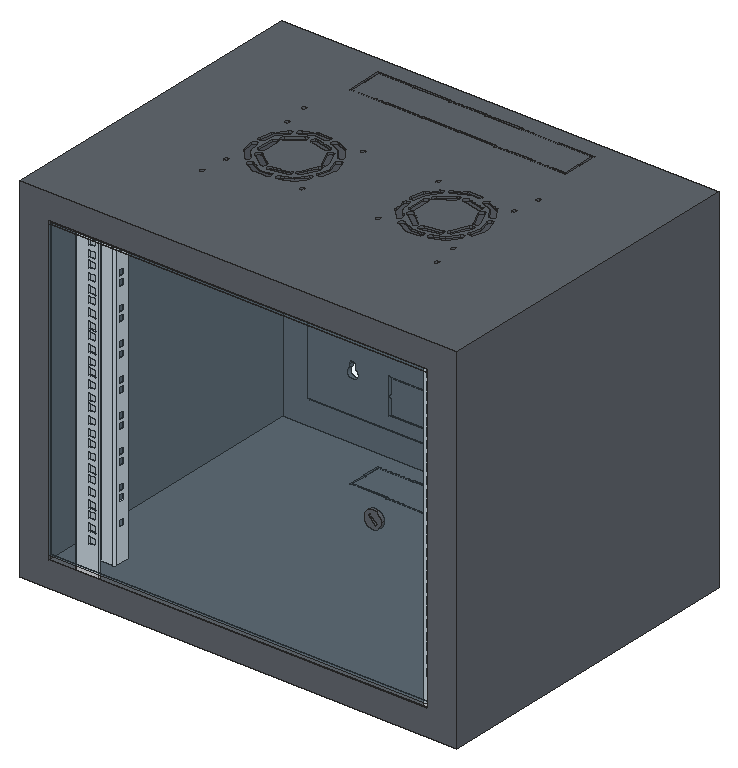
Revit family "Fix wallmount cabinets Legrand Linkeo with fix side panels", category Equipement spécialisé, Revit 2020 (continued)
Dimensions and locks
  "Y fixation": plane 22 to plane 23
  "X fixation": plane 25 to plane 24
  "Rack location": plane 27 to plane 6
  "Thickness (mm)": plane 29 to plane 27
  "Thickness (mm)": plane 30 to plane 31
  "Thickness (mm)": plane 32 to plane 33
  "Thickness (mm)": plane 34 to plane 35
  plane 31 to cut or joined group of Extrusion 1, Extrusion 2, Extrusion 3, Extrusion 6, Extrusion 7, Extrusion 8, Extrusion 40 = 42.00 mm
  locked: plane 28 to plane 30 at 31.5
  locked: plane 33 to plane 27 at 42
  locked: plane 34 to plane 31 at 23.5
  locked: plane 32 to plane 36 at 21.5
  locked: plane 37 to level at 46.65
  locked: plane 38 to plane 37 at 9.5
  locked: plane 39 to plane 40 at 9.5
  locked: plane 28 to plane 39 at 3.5
  locked: plane 42 to plane 41 at 9.5
  locked: plane 41 to plane 37 at 31.75
  locked: plane 44 to plane 43 at 9.5
  locked: plane 45 to plane 46 at 9.5
  locked: plane 46 to plane 38 at 6.38
  "Thickness (mm)": plane 49 to plane 50
  "Thickness (mm)": plane 51 to plane 52
  locked: plane 49 to plane 53 at 21.5
  locked: plane 54 to plane 11 at 5
  plane 5 to plane 10 to plane 55 = 35.00 mm, 30.00 mm
  equal spacing: group 4, group 8, group 11, group 14, group 17, group 20, group 34, group 37, group 40  (x3)
  equal spacing: group 21, group 22, group 23, group 24, group 25, group 26, group 41, group 42, group 43  (x3)
  locked: plane 58 to plane 1 "Centre (avant/arrière)" at 225
  aligned and locked: level to plane 2
  aligned and locked: Extrusion 1 sketch curve to level
  aligned and locked: plane 6 to Extrusion 1 sketch curve
  aligned and locked: plane 5 to Extrusion 1 sketch curve
  aligned and locked: Extrusion 1 sketch curve to plane 1 "Centre (avant/arrière)"
  aligned and locked: Extrusion 1 to plane 4
  aligned and locked: Extrusion 1 to plane 3 "Centre (gauche/droite)"
  aligned and locked: cut or joined group of Extrusion 1, Extrusion 2, Extrusion 3, Extrusion 6, Extrusion 7, Extrusion 8, Extrusion 40 to plane 13
  aligned and locked: Extrusion 3 sketch curve to plane 10
  aligned and locked: Extrusion 3 sketch curve to plane 7
  aligned and locked: plane 11 to Extrusion 3 sketch curve
  aligned and locked: plane 8 to Extrusion 3 sketch curve
  aligned and locked: Extrusion 1 to Extrusion 3
  aligned and locked: Extrusion 3 to plane 1 "Centre (avant/arrière)"
  aligned and locked: plane 7 to Extrusion 4 sketch curve
  aligned and locked: Extrusion 4 sketch curve to plane 8
  aligned and locked: plane 8 to Extrusion 5 sketch curve
  aligned and locked: Extrusion 5 sketch curve to plane 7
  aligned and locked: Extrusion 5 to plane 1 "Centre (avant/arrière)"
  aligned and locked: plane 5 to Extrusion 7
  aligned and locked: Extrusion 7 to Extrusion 2
  aligned and locked: Extrusion 8 to level
  aligned and locked: plane 26 to plane 9
  aligned and locked: plane 20 to plane 12
  aligned and locked: Extrusion 5 to Extrusion 9
  aligned and locked: plane 28 to Extrusion 10 sketch curve
  aligned and locked: Extrusion 10 sketch curve to plane 27
  aligned and locked: Extrusion 10 sketch curve to plane 31
  aligned and locked: Extrusion 10 sketch curve to plane 33
  aligned and locked: Extrusion 10 sketch curve to plane 35
  aligned and locked: Extrusion 10 sketch curve to plane 36
  aligned and locked: plane 34 to Extrusion 10 sketch curve
  aligned and locked: plane 32 to Extrusion 10 sketch curve
  aligned and locked: Extrusion 10 sketch curve to plane 30
  aligned and locked: plane 29 to Extrusion 10 sketch curve
  aligned and locked: cut or joined group of Extrusion 1, Extrusion 2, Extrusion 3, Extrusion 6, Extrusion 7, Extrusion 8, Extrusion 40 to Extrusion 10
  aligned and locked: Extrusion 10 to Extrusion 11
  aligned and locked: plane 29 to Extrusion 12
  aligned and locked: plane 47 to Extrusion 13 sketch curve
  aligned and locked: plane 50 to Extrusion 13 sketch curve
  aligned and locked: Extrusion 13 sketch curve to plane 52
  aligned and locked: Extrusion 13 sketch curve to plane 53
  aligned and locked: plane 51 to Extrusion 13 sketch curve
  aligned and locked: Extrusion 13 sketch curve to plane 49
  aligned and locked: Extrusion 13 sketch curve to plane 48
  aligned and locked: cut or joined group of Extrusion 1, Extrusion 2, Extrusion 3, Extrusion 6, Extrusion 7, Extrusion 8, Extrusion 40 to Extrusion 13
  aligned and locked: Extrusion 14 sketch curve to Extrusion 14 sketch curve  (x9)
  aligned and locked: plane 54 to cut or joined group of Extrusion 5, Extrusion 9, Extrusion 11, Extrusion 12, Extrusion 15, Extrusion 52
  aligned and locked: Extrusion 40 to plane 35
  aligned and locked: Extrusion 40 to plane 41
  aligned and locked: plane 42 to Extrusion 40
  aligned and locked: Extrusion 40 to plane 43
  aligned and locked: plane 44 to Extrusion 40
  aligned and locked: cut or joined group 1 (Extrusion 13, Extrusion 16, Extrusion 17, Extrusion 22, Extrusion 23, Extrusion 26, Extrusion 27, Extrusion 30, Extrusion 31, Extrusion 34, Extrusion 35, Extrusion 38, Extrusion 39, Extrusion 40, Extrusion 41, Extrusion 42, Extrusion 43, Extrusion 44, Extrusion 45, Extrusion 46, Extrusion 47, Extrusion 48, Extrusion 49, Extrusion 50, Extrusion 51, Extrusion 60, Extrusion 61, Extrusion 64, Extrusion 65, Extrusion 68, Extrusion 69, Extrusion 70, Extrusion 71, Extrusion 72, Extrusion 73, Extrusion 74, Extrusion 75) to Extrusion 41
  aligned and locked: cut or joined group 1 to Extrusion 40
  aligned and locked: Extrusion 52 sketch curve to Extrusion 52 sketch curve  (x9)
  aligned and locked: Extrusion 53 to plane 56
  aligned and locked: plane 56 to plane 20
  aligned and locked: Extrusion 4 to plane 57
  aligned and locked: plane 6 to plane 57
  aligned and locked: plane 58 to curve 2
  aligned and locked: plane 5 to Extrusion 6
  aligned and locked: Extrusion 6 to Extrusion 2
Automatic sketch dimensions
  Extrusion 11 sketch curve to Extrusion 11 sketch curve = 0.00 mm
  Extrusion 11 sketch curve to Extrusion 11 sketch curve = 9.50 mm  (x4)
  Extrusion 11 sketch curve to Extrusion 11 sketch curve = 22.25 mm
  Extrusion 12 sketch curve to Extrusion 12 sketch curve = 9.50 mm  (x2)
  Extrusion 16 sketch curve to Extrusion 16 sketch curve = 0.00 mm
  Extrusion 16 sketch curve to Extrusion 16 sketch curve = 9.50 mm  (x4)
  Extrusion 16 sketch curve to Extrusion 16 sketch curve = 22.25 mm
  Extrusion 17 sketch curve to Extrusion 17 sketch curve = 9.50 mm  (x2)
  Extrusion 18 sketch curve to Extrusion 18 sketch curve = 0.00 mm
  Extrusion 18 sketch curve to Extrusion 18 sketch curve = 9.50 mm  (x4)
  Extrusion 18 sketch curve to Extrusion 18 sketch curve = 22.25 mm
  Extrusion 19 sketch curve to Extrusion 19 sketch curve = 9.50 mm  (x2)
  Extrusion 20 sketch curve to Extrusion 20 sketch curve = 0.00 mm
  Extrusion 20 sketch curve to Extrusion 20 sketch curve = 9.50 mm  (x4)
  Extrusion 20 sketch curve to Extrusion 20 sketch curve = 22.25 mm
  Extrusion 21 sketch curve to Extrusion 21 sketch curve = 9.50 mm  (x2)
  Extrusion 22 sketch curve to Extrusion 22 sketch curve = 0.00 mm
  Extrusion 22 sketch curve to Extrusion 22 sketch curve = 9.50 mm  (x4)
  Extrusion 22 sketch curve to Extrusion 22 sketch curve = 22.25 mm
  Extrusion 23 sketch curve to Extrusion 23 sketch curve = 9.50 mm  (x2)
  Extrusion 24 sketch curve to Extrusion 24 sketch curve = 0.00 mm
  Extrusion 24 sketch curve to Extrusion 24 sketch curve = 9.50 mm  (x4)
  Extrusion 24 sketch curve to Extrusion 24 sketch curve = 22.25 mm
  Extrusion 25 sketch curve to Extrusion 25 sketch curve = 9.50 mm  (x2)
  Extrusion 26 sketch curve to Extrusion 26 sketch curve = 0.00 mm
  Extrusion 26 sketch curve to Extrusion 26 sketch curve = 9.50 mm  (x4)
  Extrusion 26 sketch curve to Extrusion 26 sketch curve = 22.25 mm
  Extrusion 27 sketch curve to Extrusion 27 sketch curve = 9.50 mm  (x2)
  Extrusion 28 sketch curve to Extrusion 28 sketch curve = 0.00 mm
  Extrusion 28 sketch curve to Extrusion 28 sketch curve = 9.50 mm  (x4)
  Extrusion 28 sketch curve to Extrusion 28 sketch curve = 22.25 mm
  Extrusion 29 sketch curve to Extrusion 29 sketch curve = 9.50 mm  (x2)
  Extrusion 30 sketch curve to Extrusion 30 sketch curve = 0.00 mm
  Extrusion 30 sketch curve to Extrusion 30 sketch curve = 9.50 mm  (x4)
  Extrusion 30 sketch curve to Extrusion 30 sketch curve = 22.25 mm
  Extrusion 31 sketch curve to Extrusion 31 sketch curve = 9.50 mm  (x2)
  Extrusion 32 sketch curve to Extrusion 32 sketch curve = 0.00 mm
  Extrusion 32 sketch curve to Extrusion 32 sketch curve = 9.50 mm  (x4)
  Extrusion 32 sketch curve to Extrusion 32 sketch curve = 22.25 mm
  Extrusion 33 sketch curve to Extrusion 33 sketch curve = 9.50 mm  (x2)
  Extrusion 34 sketch curve to Extrusion 34 sketch curve = 0.00 mm
  Extrusion 34 sketch curve to Extrusion 34 sketch curve = 9.50 mm  (x4)
  Extrusion 34 sketch curve to Extrusion 34 sketch curve = 22.25 mm
  Extrusion 35 sketch curve to Extrusion 35 sketch curve = 9.50 mm  (x2)
  Extrusion 36 sketch curve to Extrusion 36 sketch curve = 0.00 mm
  Extrusion 36 sketch curve to Extrusion 36 sketch curve = 9.50 mm  (x4)
  Extrusion 36 sketch curve to Extrusion 36 sketch curve = 22.25 mm
  Extrusion 37 sketch curve to Extrusion 37 sketch curve = 9.50 mm  (x2)
  Extrusion 38 sketch curve to Extrusion 38 sketch curve = 0.00 mm
  Extrusion 38 sketch curve to Extrusion 38 sketch curve = 9.50 mm  (x4)
  Extrusion 38 sketch curve to Extrusion 38 sketch curve = 22.25 mm
  Extrusion 39 sketch curve to Extrusion 39 sketch curve = 9.50 mm  (x2)
  Extrusion 40 sketch curve to Extrusion 40 sketch curve = 9.50 mm  (x2)
  Extrusion 41 sketch curve to Extrusion 41 sketch curve = 9.50 mm  (x2)
  Extrusion 42 sketch curve to Extrusion 42 sketch curve = 9.50 mm  (x2)
  Extrusion 43 sketch curve to Extrusion 43 sketch curve = 9.50 mm  (x2)
  Extrusion 44 sketch curve to Extrusion 44 sketch curve = 9.50 mm  (x2)
  Extrusion 45 sketch curve to Extrusion 45 sketch curve = 9.50 mm  (x2)
  Extrusion 46 sketch curve to Extrusion 46 sketch curve = 9.50 mm  (x2)
  Extrusion 47 sketch curve to Extrusion 47 sketch curve = 9.50 mm  (x2)
  Extrusion 48 sketch curve to Extrusion 48 sketch curve = 9.50 mm  (x2)
  Extrusion 49 sketch curve to Extrusion 49 sketch curve = 9.50 mm  (x2)
  Extrusion 50 sketch curve to Extrusion 50 sketch curve = 9.50 mm  (x2)
  Extrusion 51 sketch curve to Extrusion 51 sketch curve = 9.50 mm  (x2)
  Extrusion 54 sketch curve to Extrusion 54 sketch curve = 1.933 mm  (x2)
  Extrusion 54 sketch curve to Extrusion 54 sketch curve = 10.607 mm
  Extrusion 56 sketch curve to Extrusion 56 sketch curve = 1.933 mm  (x2)
  Extrusion 56 sketch curve to Extrusion 56 sketch curve = 10.607 mm
  curve 1 to plane 12 = 0.00 mm
  plane 24 to curve 1 = 12.00 mm
  curve 1 to plane 24 = 12.00 mm
  Extrusion 5 sketch curve to plane 54 = 0.00 mm
  Extrusion 5 sketch curve to plane 10 = 5.00 mm
  Extrusion 1 to Extrusion 7 sketch curve = 24.00 mm  (x3)
  Extrusion 1 to Extrusion 7 sketch curve = 152.50 mm
  Extrusion 7 sketch curve to Extrusion 7 sketch curve = 0.00 mm  (x17)
  Extrusion 7 sketch curve to Extrusion 7 sketch curve = 3.00 mm  (x11)
  Extrusion 7 sketch curve to Extrusion 7 sketch curve = 46.25 mm  (x3)
  Extrusion 7 sketch curve to Extrusion 7 sketch curve = 1.50 mm  (x12)
  Extrusion 7 sketch curve to Extrusion 7 sketch curve = 48.50 mm  (x4)
  Extrusion 1 to Extrusion 7 sketch curve = 27.00 mm
  Extrusion 7 sketch curve to Extrusion 7 sketch curve = 21.25 mm  (x2)
  Extrusion 7 sketch curve to Extrusion 7 sketch curve = 44.00 mm  (x2)
  plane 1 "Centre (avant/arrière)" to Extrusion 8 sketch curve = 24.00 mm  (x3)
  plane 25 to Extrusion 8 sketch curve = 50.00 mm
  Extrusion 8 sketch curve to Extrusion 8 sketch curve = 0.00 mm  (x16)
  Extrusion 8 sketch curve to Extrusion 8 sketch curve = 3.00 mm  (x11)
  Extrusion 8 sketch curve to Extrusion 8 sketch curve = 46.25 mm  (x3)
  Extrusion 8 sketch curve to Extrusion 8 sketch curve = 1.50 mm  (x10)
  Extrusion 8 sketch curve to Extrusion 8 sketch curve = 48.50 mm  (x3)
  Extrusion 8 sketch curve to plane 9 = 0.75 mm  (x2)
  plane 9 to Extrusion 8 sketch curve = 0.75 mm  (x2)
  plane 1 "Centre (avant/arrière)" to Extrusion 8 sketch curve = 27.00 mm
  Extrusion 8 sketch curve to Extrusion 8 sketch curve = 21.25 mm  (x2)
  Extrusion 8 sketch curve to Extrusion 8 sketch curve = 44.00 mm  (x2)
  Extrusion 9 sketch curve to plane 23 = 0.00 mm  (x4)
  Extrusion 9 sketch curve to plane 25 = 0.00 mm  (x2)
  Extrusion 9 sketch curve to plane 24 = 0.00 mm
  Extrusion 9 sketch curve to Extrusion 9 sketch curve = 4.251 mm
  plane 24 to Extrusion 9 sketch curve = 4.251 mm
  plane 24 to Extrusion 9 sketch curve = 0.00 mm
  Extrusion 9 sketch curve to Extrusion 9 sketch curve = 5.069 mm  (x2)
  Extrusion 9 sketch curve to Extrusion 9 sketch curve = 6.179 mm  (x2)
  Extrusion 10 sketch curve to Extrusion 10 sketch curve = 0.00 mm  (x6)
  Extrusion 10 sketch curve to Extrusion 10 sketch curve = 1.50 mm  (x3)
  Extrusion 13 sketch curve to Extrusion 13 sketch curve = 0.00 mm  (x6)
  Extrusion 13 sketch curve to Extrusion 13 sketch curve = 1.50 mm  (x2)
  Extrusion 13 sketch curve to Extrusion 13 sketch curve = 30.00 mm
  Extrusion 13 sketch curve to Extrusion 13 sketch curve = 17.50 mm
  Extrusion 15 sketch curve to plane 22 = 0.00 mm  (x4)
  Extrusion 15 sketch curve to plane 25 = 0.00 mm  (x2)
  plane 24 to Extrusion 15 sketch curve = 0.00 mm  (x2)
  Extrusion 15 sketch curve to Extrusion 15 sketch curve = 4.251 mm
  plane 24 to Extrusion 15 sketch curve = 4.251 mm
  Extrusion 15 sketch curve to Extrusion 15 sketch curve = 5.069 mm  (x2)
  plane 42 to Extrusion 15 sketch curve = 3.852 mm  (x2)
  Extrusion 52 sketch curve to Extrusion 52 sketch curve = 0.00 mm  (x16)
  Extrusion 52 sketch curve to Extrusion 52 sketch curve = 3.00 mm  (x6)
  Extrusion 52 sketch curve to Extrusion 52 sketch curve = 21.25 mm  (x3)
  Extrusion 52 sketch curve to Extrusion 52 sketch curve = 1.50 mm  (x12)
  Extrusion 52 sketch curve to Extrusion 52 sketch curve = 44.00 mm
  Extrusion 52 sketch curve to Extrusion 52 sketch curve = 46.25 mm  (x3)
  Extrusion 52 sketch curve to Extrusion 52 sketch curve = 48.50 mm  (x4)
  Extrusion 14 sketch curve to Extrusion 14 sketch curve = 0.00 mm  (x16)
  Extrusion 14 sketch curve to Extrusion 14 sketch curve = 3.00 mm  (x6)
  Extrusion 14 sketch curve to Extrusion 14 sketch curve = 21.25 mm  (x3)
  Extrusion 14 sketch curve to Extrusion 14 sketch curve = 1.50 mm  (x12)
  Extrusion 14 sketch curve to Extrusion 14 sketch curve = 44.00 mm
  Extrusion 14 sketch curve to Extrusion 14 sketch curve = 46.25 mm  (x3)
  Extrusion 14 sketch curve to Extrusion 14 sketch curve = 48.50 mm  (x4)
  curve 2 to curve 2 = 108.123 mm
  curve 3 to curve 3 = 108.123 mm
  Extrusion 6 sketch curve to Extrusion 6 sketch curve = 0.00 mm  (x120)
  Extrusion 6 sketch curve to Extrusion 6 sketch curve = 0.762 mm
  Extrusion 6 sketch curve to Extrusion 6 sketch curve = 0.023 mm
  Extrusion 6 sketch curve to Extrusion 6 sketch curve = 4.093 mm
  Extrusion 6 sketch curve to Extrusion 6 sketch curve = 4.13 mm
  Extrusion 6 sketch curve to Extrusion 6 sketch curve = 5.00 mm
  Extrusion 6 sketch curve to Extrusion 6 sketch curve = 0.108 mm
  Extrusion 6 sketch curve to Extrusion 6 sketch curve = 4.413 mm
  Extrusion 6 sketch curve to Extrusion 6 sketch curve = 4.114 mm
  Extrusion 6 sketch curve to Extrusion 6 sketch curve = 4.40 mm  (x2)
  Extrusion 6 sketch curve to Extrusion 6 sketch curve = 4.094 mm  (x2)
  Extrusion 6 sketch curve to Extrusion 6 sketch curve = 2.16 mm
  Extrusion 6 sketch curve to Extrusion 6 sketch curve = 4.116 mm
  Extrusion 6 sketch curve to Extrusion 6 sketch curve = 3.397 mm  (x3)
  Extrusion 6 sketch curve to Extrusion 6 sketch curve = 1.819 mm
  Extrusion 6 sketch curve to Extrusion 6 sketch curve = 6.141 mm  (x2)
  Extrusion 6 sketch curve to Extrusion 6 sketch curve = 6.001 mm
  Extrusion 6 sketch curve to Extrusion 6 sketch curve = 3.835 mm
  Extrusion 6 sketch curve to Extrusion 6 sketch curve = 9.917 mm
  Extrusion 6 sketch curve to Extrusion 6 sketch curve = 3.82 mm  (x3)
  Extrusion 6 sketch curve to Extrusion 6 sketch curve = 1.732 mm
  Extrusion 6 sketch curve to Extrusion 6 sketch curve = 9.679 mm
  Extrusion 6 sketch curve to Extrusion 6 sketch curve = 1.665 mm  (x3)
  Extrusion 6 sketch curve to Extrusion 6 sketch curve = 2.774 mm  (x2)
  Extrusion 6 sketch curve to Extrusion 6 sketch curve = 2.712 mm  (x2)
  Extrusion 6 sketch curve to Extrusion 6 sketch curve = 10.829 mm
  Extrusion 6 sketch curve to Extrusion 6 sketch curve = 1.693 mm
  Extrusion 6 sketch curve to Extrusion 6 sketch curve = 3.832 mm
  Extrusion 6 sketch curve to Extrusion 6 sketch curve = 9.752 mm  (x2)
  Extrusion 6 sketch curve to Extrusion 6 sketch curve = 9.79 mm
  Extrusion 6 sketch curve to Extrusion 6 sketch curve = 0.927 mm  (x2)
  Extrusion 6 sketch curve to Extrusion 6 sketch curve = 0.956 mm
  Extrusion 6 sketch curve to Extrusion 6 sketch curve = 2.537 mm  (x2)
  Extrusion 6 sketch curve to Extrusion 6 sketch curve = 2.679 mm
  Extrusion 6 sketch curve to Extrusion 6 sketch curve = 1.73 mm  (x2)
  Extrusion 6 sketch curve to Extrusion 6 sketch curve = 1.661 mm
  Extrusion 6 sketch curve to Extrusion 6 sketch curve = 11.228 mm  (x2)
  Extrusion 6 sketch curve to Extrusion 6 sketch curve = 12.747 mm
  Extrusion 6 sketch curve to Extrusion 6 sketch curve = 0.068 mm
  Extrusion 6 sketch curve to Extrusion 6 sketch curve = 0.071 mm
  Extrusion 6 sketch curve to Extrusion 6 sketch curve = 0.193 mm  (x2)
  Extrusion 6 sketch curve to Extrusion 6 sketch curve = 6.551 mm  (x2)
  Extrusion 6 sketch curve to Extrusion 6 sketch curve = 0.934 mm  (x2)
  Extrusion 6 sketch curve to Extrusion 6 sketch curve = 7.601 mm
  Extrusion 6 sketch curve to Extrusion 6 sketch curve = 0.929 mm  (x2)
  Extrusion 6 sketch curve to Extrusion 6 sketch curve = 9.29 mm
  Extrusion 6 sketch curve to Extrusion 6 sketch curve = 8.798 mm  (x2)
  Extrusion 6 sketch curve to Extrusion 6 sketch curve = 0.739 mm  (x2)
  Extrusion 6 sketch curve to Extrusion 6 sketch curve = 7.749 mm  (x2)
  Extrusion 6 sketch curve to Extrusion 6 sketch curve = 0.201 mm  (x2)
  Extrusion 6 sketch curve to Extrusion 6 sketch curve = 7.182 mm
  Extrusion 6 sketch curve to Extrusion 6 sketch curve = 2.017 mm
  Extrusion 6 sketch curve to Extrusion 6 sketch curve = 2.659 mm  (x3)
  Extrusion 6 sketch curve to Extrusion 6 sketch curve = 11.278 mm
  Extrusion 6 sketch curve to Extrusion 6 sketch curve = 2.638 mm  (x6)
  Extrusion 6 sketch curve to Extrusion 6 sketch curve = 7.453 mm
  Extrusion 6 sketch curve to Extrusion 6 sketch curve = 7.509 mm  (x2)
  Extrusion 6 sketch curve to Extrusion 6 sketch curve = 1.957 mm  (x2)
  Extrusion 6 sketch curve to Extrusion 6 sketch curve = 2.02 mm  (x3)
  Extrusion 6 sketch curve to Extrusion 6 sketch curve = 2.023 mm
  Extrusion 6 sketch curve to Extrusion 6 sketch curve = 7.608 mm  (x2)
  Extrusion 6 sketch curve to Extrusion 6 sketch curve = 7.784 mm
  Extrusion 6 sketch curve to Extrusion 6 sketch curve = 0.664 mm  (x2)
  Extrusion 6 sketch curve to Extrusion 6 sketch curve = 1.373 mm
  Extrusion 6 sketch curve to Extrusion 6 sketch curve = 1.477 mm
  Extrusion 6 sketch curve to Extrusion 6 sketch curve = 2.658 mm  (x2)
  Extrusion 6 sketch curve to Extrusion 6 sketch curve = 2.635 mm  (x2)
  Extrusion 6 sketch curve to Extrusion 6 sketch curve = 3.199 mm
  Extrusion 6 sketch curve to Extrusion 6 sketch curve = 3.244 mm
  Extrusion 6 sketch curve to Extrusion 6 sketch curve = 4.25 mm  (x8)
  Extrusion 6 sketch curve to Extrusion 6 sketch curve = 5.15 mm  (x2)
  Extrusion 6 sketch curve to Extrusion 6 sketch curve = 3.196 mm  (x3)
  Extrusion 6 sketch curve to Extrusion 6 sketch curve = 3.248 mm
  Extrusion 6 sketch curve to Extrusion 6 sketch curve = 2.099 mm
  Extrusion 6 sketch curve to Extrusion 6 sketch curve = 8.755 mm  (x2)
  Extrusion 6 sketch curve to Extrusion 6 sketch curve = 3.947 mm  (x2)
  Extrusion 6 sketch curve to Extrusion 6 sketch curve = 3.981 mm  (x2)
  Extrusion 6 sketch curve to Extrusion 6 sketch curve = 9.129 mm
  Extrusion 6 sketch curve to Extrusion 6 sketch curve = 3.194 mm
  Extrusion 6 sketch curve to Extrusion 6 sketch curve = 9.259 mm
  Extrusion 6 sketch curve to Extrusion 6 sketch curve = 0.974 mm  (x2)
  Extrusion 6 sketch curve to Extrusion 6 sketch curve = 4.183 mm  (x3)
  Extrusion 6 sketch curve to Extrusion 6 sketch curve = 12.801 mm
  Extrusion 6 sketch curve to Extrusion 6 sketch curve = 12.446 mm
  Extrusion 6 sketch curve to Extrusion 6 sketch curve = 98.699 mm
  Extrusion 6 sketch curve to Extrusion 6 sketch curve = 0.02 mm
  Extrusion 6 sketch curve to Extrusion 6 sketch curve = 4.096 mm
  Extrusion 6 sketch curve to Extrusion 6 sketch curve = 4.128 mm
  Extrusion 6 sketch curve to Extrusion 6 sketch curve = 0.11 mm
  Extrusion 6 sketch curve to Extrusion 6 sketch curve = 4.218 mm
  Extrusion 6 sketch curve to Extrusion 6 sketch curve = 4.415 mm
  Extrusion 6 sketch curve to Extrusion 6 sketch curve = 4.115 mm  (x2)
  Extrusion 6 sketch curve to Extrusion 6 sketch curve = 2.162 mm
  Extrusion 6 sketch curve to Extrusion 6 sketch curve = 3.395 mm
  Extrusion 6 sketch curve to Extrusion 6 sketch curve = 5.935 mm
  Extrusion 6 sketch curve to Extrusion 6 sketch curve = 3.442 mm  (x5)
  Extrusion 6 sketch curve to Extrusion 6 sketch curve = 9.844 mm
  Extrusion 6 sketch curve to Extrusion 6 sketch curve = 3.834 mm
  Extrusion 6 sketch curve to Extrusion 6 sketch curve = 6.233 mm
  Extrusion 6 sketch curve to Extrusion 6 sketch curve = 3.838 mm
  Extrusion 6 sketch curve to Extrusion 6 sketch curve = 11.649 mm
  Extrusion 6 sketch curve to Extrusion 6 sketch curve = 3.445 mm
  Extrusion 6 sketch curve to Extrusion 6 sketch curve = 1.663 mm
  Extrusion 6 sketch curve to Extrusion 6 sketch curve = 6.879 mm
  Extrusion 6 sketch curve to Extrusion 6 sketch curve = 1.596 mm
  Extrusion 6 sketch curve to Extrusion 6 sketch curve = 3.825 mm
  Extrusion 6 sketch curve to Extrusion 6 sketch curve = 9.789 mm
  Extrusion 6 sketch curve to Extrusion 6 sketch curve = 0.957 mm
  Extrusion 6 sketch curve to Extrusion 6 sketch curve = 2.681 mm
  Extrusion 6 sketch curve to Extrusion 6 sketch curve = 1.662 mm
  Extrusion 6 sketch curve to Extrusion 6 sketch curve = 12.746 mm
  Extrusion 6 sketch curve to Extrusion 6 sketch curve = 0.119 mm
  Extrusion 6 sketch curve to Extrusion 6 sketch curve = 0.121 mm
  Extrusion 6 sketch curve to Extrusion 6 sketch curve = 7.502 mm
  Extrusion 6 sketch curve to Extrusion 6 sketch curve = 7.853 mm
  Extrusion 6 sketch curve to Extrusion 6 sketch curve = 1.018 mm
  Extrusion 6 sketch curve to Extrusion 6 sketch curve = 3.425 mm
  Extrusion 6 sketch curve to Extrusion 6 sketch curve = 10.093 mm
  Extrusion 6 sketch curve to Extrusion 6 sketch curve = 2.018 mm
  Extrusion 6 sketch curve to Extrusion 6 sketch curve = 7.782 mm
  Extrusion 6 sketch curve to Extrusion 6 sketch curve = 2.656 mm
  Extrusion 6 sketch curve to Extrusion 6 sketch curve = 1.916 mm
  Extrusion 6 sketch curve to Extrusion 6 sketch curve = 2.086 mm
  Extrusion 6 sketch curve to Extrusion 6 sketch curve = 3.246 mm  (x3)
  Extrusion 6 sketch curve to Extrusion 6 sketch curve = 8.844 mm
  Extrusion 6 sketch curve to Extrusion 6 sketch curve = 4.946 mm
  Extrusion 6 sketch curve to Extrusion 6 sketch curve = 9.339 mm
  Extrusion 6 sketch curve to Extrusion 6 sketch curve = 4.182 mm  (x2)
  Extrusion 6 sketch curve to Extrusion 6 sketch curve = 3.193 mm
  Extrusion 6 sketch curve to Extrusion 6 sketch curve = 4.17 mm  (x2)
  Extrusion 6 sketch curve to Extrusion 6 sketch curve = 12.448 mm
  Extrusion 6 sketch curve to Extrusion 6 sketch curve = 16.00 mm
  Extrusion 6 sketch curve to Extrusion 6 sketch curve = 4.998 mm  (x2)
  Extrusion 6 sketch curve to Extrusion 6 sketch curve = 32.934 mm  (x2)
  Extrusion 6 sketch curve to Extrusion 6 sketch curve = 0.039 mm  (x3)
  Extrusion 6 sketch curve to Extrusion 6 sketch curve = 0.04 mm
  Extrusion 6 sketch curve to Extrusion 6 sketch curve = 2.498 mm
  Extrusion 6 sketch curve to Extrusion 6 sketch curve = 35.498 mm
  Extrusion 6 sketch curve to Extrusion 6 sketch curve = 2.525 mm
  Extrusion 6 sketch curve to Extrusion 6 sketch curve = 2.566 mm
  Extrusion 6 sketch curve to Extrusion 6 sketch curve = 35.50 mm  (x2)
  Extrusion 6 sketch curve to Extrusion 6 sketch curve = 3.741 mm  (x2)
  Extrusion 6 sketch curve to Extrusion 6 sketch curve = 3.74 mm
  Extrusion 6 sketch curve to Extrusion 6 sketch curve = 4.248 mm
  Extrusion 6 sketch curve to Extrusion 6 sketch curve = 0.951 mm
  Extrusion 6 sketch curve to Extrusion 6 sketch curve = 2.405 mm
  Extrusion 6 sketch curve to Extrusion 6 sketch curve = 1.097 mm
  Extrusion 6 sketch curve to Extrusion 6 sketch curve = 7.843 mm
  Extrusion 6 sketch curve to Extrusion 6 sketch curve = 4.281 mm
  Extrusion 6 sketch curve to Extrusion 6 sketch curve = 2.551 mm
  Extrusion 6 sketch curve to Extrusion 6 sketch curve = 2.552 mm
  Extrusion 6 sketch curve to Extrusion 6 sketch curve = 1.356 mm
  Extrusion 6 sketch curve to Extrusion 6 sketch curve = 3.912 mm  (x2)
  Extrusion 6 sketch curve to Extrusion 6 sketch curve = 3.738 mm
  Extrusion 6 sketch curve to Extrusion 6 sketch curve = 3.56 mm
  Extrusion 6 sketch curve to Extrusion 6 sketch curve = 3.911 mm
  Extrusion 6 sketch curve to Extrusion 6 sketch curve = 0.382 mm
  Extrusion 6 sketch curve to Extrusion 6 sketch curve = 7.868 mm
  Extrusion 6 sketch curve to Extrusion 6 sketch curve = 11.634 mm
  Extrusion 6 sketch curve to Extrusion 6 sketch curve = 5.35 mm
  Extrusion 6 sketch curve to Extrusion 6 sketch curve = 5.352 mm
  Extrusion 6 sketch curve to Extrusion 6 sketch curve = 3.464 mm  (x2)
  Extrusion 6 sketch curve to Extrusion 6 sketch curve = 6.063 mm
  Extrusion 6 sketch curve to Extrusion 6 sketch curve = 6.064 mm
  Extrusion 6 sketch curve to Extrusion 6 sketch curve = 3.332 mm  (x2)
  Extrusion 6 sketch curve to Extrusion 6 sketch curve = 3.713 mm
  Extrusion 6 sketch curve to Extrusion 6 sketch curve = 2.743 mm  (x2)
  Extrusion 6 sketch curve to Extrusion 6 sketch curve = 2.741 mm
  Extrusion 6 sketch curve to Extrusion 6 sketch curve = 4.141 mm  (x2)
  Extrusion 6 sketch curve to Extrusion 6 sketch curve = 10.631 mm
  Extrusion 6 sketch curve to Extrusion 6 sketch curve = 13.187 mm
  Extrusion 6 sketch curve to Extrusion 6 sketch curve = 2.556 mm
  Extrusion 6 sketch curve to Extrusion 6 sketch curve = 2.554 mm
  Extrusion 6 sketch curve to Extrusion 6 sketch curve = 0.959 mm
  Extrusion 6 sketch curve to Extrusion 6 sketch curve = 11.318 mm
  Extrusion 6 sketch curve to Extrusion 6 sketch curve = 7.433 mm
  Extrusion 6 sketch curve to Extrusion 6 sketch curve = 10.179 mm
  Extrusion 6 sketch curve to Extrusion 6 sketch curve = 1.837 mm
  Extrusion 6 sketch curve to Extrusion 6 sketch curve = 1.674 mm
  Extrusion 6 sketch curve to Extrusion 6 sketch curve = 0.749 mm
  Extrusion 6 sketch curve to Extrusion 6 sketch curve = 2.423 mm
  Extrusion 6 sketch curve to Extrusion 6 sketch curve = 3.335 mm  (x2)
  Extrusion 6 sketch curve to Extrusion 6 sketch curve = 1.873 mm  (x2)
  Extrusion 6 sketch curve to Extrusion 6 sketch curve = 10.88 mm
  Extrusion 6 sketch curve to Extrusion 6 sketch curve = 10.883 mm
  Extrusion 6 sketch curve to Extrusion 6 sketch curve = 1.142 mm
  Extrusion 6 sketch curve to Extrusion 6 sketch curve = 1.14 mm
  Extrusion 6 sketch curve to Extrusion 6 sketch curve = 9.533 mm
  Extrusion 6 sketch curve to Extrusion 6 sketch curve = 9.534 mm
  Extrusion 6 sketch curve to Extrusion 6 sketch curve = 0.011 mm
  Extrusion 6 sketch curve to Extrusion 6 sketch curve = 0.01 mm
  Extrusion 6 sketch curve to Extrusion 6 sketch curve = 8.315 mm
  Extrusion 6 sketch curve to Extrusion 6 sketch curve = 8.317 mm
  Extrusion 6 sketch curve to Extrusion 6 sketch curve = 4.075 mm  (x2)
  Extrusion 6 sketch curve to Extrusion 6 sketch curve = 4.082 mm
  Extrusion 6 sketch curve to Extrusion 6 sketch curve = 0.758 mm
  Extrusion 6 sketch curve to Extrusion 6 sketch curve = 0.75 mm
  Extrusion 6 sketch curve to Extrusion 6 sketch curve = 1.832 mm
  Extrusion 6 sketch curve to Extrusion 6 sketch curve = 1.833 mm
  Extrusion 6 sketch curve to Extrusion 6 sketch curve = 6.438 mm
  Extrusion 6 sketch curve to Extrusion 6 sketch curve = 6.449 mm
  Extrusion 6 sketch curve to Extrusion 6 sketch curve = 1.144 mm
  Extrusion 6 sketch curve to Extrusion 6 sketch curve = 1.135 mm
  Extrusion 6 sketch curve to Extrusion 6 sketch curve = 9.734 mm
  Extrusion 6 sketch curve to Extrusion 6 sketch curve = 1.864 mm
  Extrusion 6 sketch curve to Extrusion 6 sketch curve = 9.773 mm
  Extrusion 6 sketch curve to Extrusion 6 sketch curve = 11.668 mm
  Extrusion 6 sketch curve to Extrusion 6 sketch curve = 13.243 mm
  Extrusion 6 sketch curve to Extrusion 6 sketch curve = 0.82 mm
  Extrusion 6 sketch curve to Extrusion 6 sketch curve = 4.72 mm
  Extrusion 6 sketch curve to Extrusion 6 sketch curve = 5.555 mm
  Extrusion 6 sketch curve to Extrusion 6 sketch curve = 0.015 mm  (x2)
  Extrusion 6 sketch curve to Extrusion 6 sketch curve = 9.069 mm
  Extrusion 6 sketch curve to Extrusion 6 sketch curve = 1.059 mm
  Extrusion 6 sketch curve to Extrusion 6 sketch curve = 10.127 mm
  Extrusion 6 sketch curve to Extrusion 6 sketch curve = 1.063 mm
  Extrusion 6 sketch curve to Extrusion 6 sketch curve = 9.504 mm
  Extrusion 6 sketch curve to Extrusion 6 sketch curve = 9.519 mm
  Extrusion 6 sketch curve to Extrusion 6 sketch curve = 0.888 mm  (x2)
  Extrusion 6 sketch curve to Extrusion 6 sketch curve = 1.945 mm  (x2)
  Extrusion 6 sketch curve to Extrusion 6 sketch curve = 0.83 mm
  Extrusion 6 sketch curve to Extrusion 6 sketch curve = 0.835 mm
  Extrusion 6 sketch curve to Extrusion 6 sketch curve = 9.576 mm
  Extrusion 6 sketch curve to Extrusion 6 sketch curve = 18.645 mm
  Extrusion 6 sketch curve to Extrusion 6 sketch curve = 3.316 mm  (x3)
  Extrusion 6 sketch curve to Extrusion 6 sketch curve = 3.318 mm
  Extrusion 6 sketch curve to Extrusion 6 sketch curve = 9.348 mm
  Extrusion 6 sketch curve to Extrusion 6 sketch curve = 1.863 mm
  Extrusion 6 sketch curve to Extrusion 6 sketch curve = 1.862 mm
  Extrusion 6 sketch curve to Extrusion 6 sketch curve = 2.493 mm  (x3)
  Extrusion 6 sketch curve to Extrusion 6 sketch curve = 12.899 mm
  Extrusion 6 sketch curve to Extrusion 6 sketch curve = 7.351 mm
  Extrusion 6 sketch curve to Extrusion 6 sketch curve = 10.962 mm
  Extrusion 6 sketch curve to Extrusion 6 sketch curve = 0.294 mm
  Extrusion 6 sketch curve to Extrusion 6 sketch curve = 9.196 mm
  Extrusion 6 sketch curve to Extrusion 6 sketch curve = 9.197 mm
  Extrusion 6 sketch curve to Extrusion 6 sketch curve = 1.621 mm
  Extrusion 6 sketch curve to Extrusion 6 sketch curve = 1.622 mm
  Extrusion 6 sketch curve to Extrusion 6 sketch curve = 2.798 mm
  Extrusion 6 sketch curve to Extrusion 6 sketch curve = 10.148 mm
  Extrusion 6 sketch curve to Extrusion 6 sketch curve = 9.556 mm
  Extrusion 6 sketch curve to Extrusion 6 sketch curve = 4.148 mm  (x2)
  Extrusion 6 sketch curve to Extrusion 6 sketch curve = 4.147 mm  (x2)
  Extrusion 6 sketch curve to Extrusion 6 sketch curve = 0.521 mm  (x2)
  Extrusion 6 sketch curve to Extrusion 6 sketch curve = 3.415 mm  (x2)
  Extrusion 6 sketch curve to Extrusion 6 sketch curve = 2.489 mm
  Extrusion 6 sketch curve to Extrusion 6 sketch curve = 3.773 mm  (x2)
  Extrusion 6 sketch curve to Extrusion 6 sketch curve = 6.194 mm  (x2)
  Extrusion 6 sketch curve to Extrusion 6 sketch curve = 3.579 mm  (x2)
  Extrusion 6 sketch curve to Extrusion 6 sketch curve = 7.574 mm
  Extrusion 6 sketch curve to Extrusion 6 sketch curve = 7.575 mm
  Extrusion 6 sketch curve to Extrusion 6 sketch curve = 3.882 mm  (x2)
  Extrusion 6 sketch curve to Extrusion 6 sketch curve = 4.246 mm  (x2)
  Extrusion 6 sketch curve to Extrusion 6 sketch curve = 4.298 mm  (x2)
  Extrusion 6 sketch curve to Extrusion 6 sketch curve = 17.173 mm
  Extrusion 6 sketch curve to Extrusion 6 sketch curve = 8.927 mm
  Extrusion 6 sketch curve to Extrusion 6 sketch curve = 11.415 mm
  Extrusion 6 sketch curve to Extrusion 6 sketch curve = 14.373 mm
  Extrusion 6 sketch curve to Extrusion 6 sketch curve = 4.245 mm  (x2)
  Extrusion 6 sketch curve to Extrusion 6 sketch curve = 35.501 mm
  Extrusion 6 sketch curve to Extrusion 6 sketch curve = 4.095 mm  (x2)
  Extrusion 6 sketch curve to Extrusion 6 sketch curve = 3.823 mm  (x4)
  Extrusion 6 sketch curve to Extrusion 6 sketch curve = 1.708 mm
  Extrusion 6 sketch curve to Extrusion 6 sketch curve = 3.836 mm  (x4)
  Extrusion 6 sketch curve to Extrusion 6 sketch curve = 1.734 mm  (x3)
  Extrusion 6 sketch curve to Extrusion 6 sketch curve = 0.931 mm  (x2)
  Extrusion 6 sketch curve to Extrusion 6 sketch curve = 0.96 mm  (x6)
  Extrusion 6 sketch curve to Extrusion 6 sketch curve = 0.197 mm  (x2)
  Extrusion 6 sketch curve to Extrusion 6 sketch curve = 2.138 mm
  Extrusion 6 sketch curve to Extrusion 6 sketch curve = 2.153 mm  (x2)
  Extrusion 6 sketch curve to Extrusion 6 sketch curve = 1.952 mm  (x2)
  Extrusion 6 sketch curve to Extrusion 6 sketch curve = 2.661 mm  (x2)
  Extrusion 6 sketch curve to Extrusion 6 sketch curve = 4.169 mm  (x2)
  Extrusion 6 sketch curve to Extrusion 6 sketch curve = 0.937 mm  (x2)
  Extrusion 6 sketch curve to Extrusion 6 sketch curve = 1.711 mm
  Extrusion 6 sketch curve to Extrusion 6 sketch curve = 2.14 mm
  Extrusion 6 sketch curve to Extrusion 6 sketch curve = 4.14 mm  (x2)
  Extrusion 6 sketch curve to Extrusion 6 sketch curve = 1.831 mm
  Extrusion 6 sketch curve to Extrusion 6 sketch curve = 1.857 mm
  Extrusion 6 sketch curve to Extrusion 6 sketch curve = 0.828 mm
  Extrusion 6 sketch curve to Extrusion 6 sketch curve = 2.801 mm
  Extrusion 57 sketch curve to Extrusion 57 sketch curve = 0.00 mm  (x120)
  Extrusion 57 sketch curve to Extrusion 57 sketch curve = 0.762 mm
  Extrusion 57 sketch curve to Extrusion 57 sketch curve = 0.023 mm
  Extrusion 57 sketch curve to Extrusion 57 sketch curve = 4.093 mm
  Extrusion 57 sketch curve to Extrusion 57 sketch curve = 4.13 mm
  Extrusion 57 sketch curve to Extrusion 57 sketch curve = 5.00 mm
  Extrusion 57 sketch curve to Extrusion 57 sketch curve = 0.108 mm
  Extrusion 57 sketch curve to Extrusion 57 sketch curve = 4.413 mm
  Extrusion 57 sketch curve to Extrusion 57 sketch curve = 4.114 mm
  Extrusion 57 sketch curve to Extrusion 57 sketch curve = 4.40 mm  (x2)
  Extrusion 57 sketch curve to Extrusion 57 sketch curve = 4.094 mm  (x2)
  Extrusion 57 sketch curve to Extrusion 57 sketch curve = 2.16 mm
  Extrusion 57 sketch curve to Extrusion 57 sketch curve = 4.116 mm
  Extrusion 57 sketch curve to Extrusion 57 sketch curve = 3.397 mm  (x3)
  Extrusion 57 sketch curve to Extrusion 57 sketch curve = 1.819 mm
  Extrusion 57 sketch curve to Extrusion 57 sketch curve = 6.141 mm  (x2)
  Extrusion 57 sketch curve to Extrusion 57 sketch curve = 6.001 mm
  Extrusion 57 sketch curve to Extrusion 57 sketch curve = 3.835 mm
  Extrusion 57 sketch curve to Extrusion 57 sketch curve = 9.917 mm
  Extrusion 57 sketch curve to Extrusion 57 sketch curve = 3.82 mm  (x3)
  Extrusion 57 sketch curve to Extrusion 57 sketch curve = 1.732 mm
  Extrusion 57 sketch curve to Extrusion 57 sketch curve = 9.679 mm
  Extrusion 57 sketch curve to Extrusion 57 sketch curve = 1.665 mm  (x3)
  Extrusion 57 sketch curve to Extrusion 57 sketch curve = 2.774 mm  (x2)
  Extrusion 57 sketch curve to Extrusion 57 sketch curve = 2.712 mm  (x2)
  Extrusion 57 sketch curve to Extrusion 57 sketch curve = 10.829 mm
  Extrusion 57 sketch curve to Extrusion 57 sketch curve = 1.693 mm
  Extrusion 57 sketch curve to Extrusion 57 sketch curve = 3.832 mm
  Extrusion 57 sketch curve to Extrusion 57 sketch curve = 9.752 mm  (x2)
  Extrusion 57 sketch curve to Extrusion 57 sketch curve = 9.79 mm
  Extrusion 57 sketch curve to Extrusion 57 sketch curve = 0.927 mm  (x2)
  Extrusion 57 sketch curve to Extrusion 57 sketch curve = 0.956 mm
  Extrusion 57 sketch curve to Extrusion 57 sketch curve = 2.537 mm  (x2)
  Extrusion 57 sketch curve to Extrusion 57 sketch curve = 2.679 mm
  Extrusion 57 sketch curve to Extrusion 57 sketch curve = 1.73 mm  (x2)
  Extrusion 57 sketch curve to Extrusion 57 sketch curve = 1.661 mm
  Extrusion 57 sketch curve to Extrusion 57 sketch curve = 11.228 mm  (x2)
  Extrusion 57 sketch curve to Extrusion 57 sketch curve = 12.747 mm
  Extrusion 57 sketch curve to Extrusion 57 sketch curve = 0.068 mm
  Extrusion 57 sketch curve to Extrusion 57 sketch curve = 0.071 mm
  Extrusion 57 sketch curve to Extrusion 57 sketch curve = 0.193 mm  (x2)
  Extrusion 57 sketch curve to Extrusion 57 sketch curve = 6.551 mm  (x2)
  Extrusion 57 sketch curve to Extrusion 57 sketch curve = 0.934 mm  (x2)
  Extrusion 57 sketch curve to Extrusion 57 sketch curve = 7.601 mm
  Extrusion 57 sketch curve to Extrusion 57 sketch curve = 0.929 mm  (x2)
  Extrusion 57 sketch curve to Extrusion 57 sketch curve = 9.29 mm
  Extrusion 57 sketch curve to Extrusion 57 sketch curve = 8.798 mm  (x2)
  Extrusion 57 sketch curve to Extrusion 57 sketch curve = 0.739 mm  (x2)
  Extrusion 57 sketch curve to Extrusion 57 sketch curve = 7.749 mm  (x2)
  Extrusion 57 sketch curve to Extrusion 57 sketch curve = 0.201 mm  (x2)
  Extrusion 57 sketch curve to Extrusion 57 sketch curve = 7.182 mm
  Extrusion 57 sketch curve to Extrusion 57 sketch curve = 2.017 mm
  Extrusion 57 sketch curve to Extrusion 57 sketch curve = 2.659 mm  (x3)
  Extrusion 57 sketch curve to Extrusion 57 sketch curve = 11.278 mm
  Extrusion 57 sketch curve to Extrusion 57 sketch curve = 2.638 mm  (x6)
  Extrusion 57 sketch curve to Extrusion 57 sketch curve = 7.453 mm
  Extrusion 57 sketch curve to Extrusion 57 sketch curve = 7.509 mm  (x2)
  Extrusion 57 sketch curve to Extrusion 57 sketch curve = 1.957 mm  (x2)
  Extrusion 57 sketch curve to Extrusion 57 sketch curve = 2.02 mm  (x3)
  Extrusion 57 sketch curve to Extrusion 57 sketch curve = 2.023 mm
  Extrusion 57 sketch curve to Extrusion 57 sketch curve = 7.608 mm  (x2)
  Extrusion 57 sketch curve to Extrusion 57 sketch curve = 7.784 mm
  Extrusion 57 sketch curve to Extrusion 57 sketch curve = 0.664 mm  (x2)
  Extrusion 57 sketch curve to Extrusion 57 sketch curve = 1.373 mm
  Extrusion 57 sketch curve to Extrusion 57 sketch curve = 1.477 mm
  Extrusion 57 sketch curve to Extrusion 57 sketch curve = 2.658 mm  (x2)
  Extrusion 57 sketch curve to Extrusion 57 sketch curve = 2.635 mm  (x2)
  Extrusion 57 sketch curve to Extrusion 57 sketch curve = 3.199 mm
  Extrusion 57 sketch curve to Extrusion 57 sketch curve = 3.244 mm
  Extrusion 57 sketch curve to Extrusion 57 sketch curve = 4.25 mm  (x8)
  Extrusion 57 sketch curve to Extrusion 57 sketch curve = 5.15 mm  (x2)
  Extrusion 57 sketch curve to Extrusion 57 sketch curve = 3.196 mm  (x3)
  Extrusion 57 sketch curve to Extrusion 57 sketch curve = 3.248 mm
  Extrusion 57 sketch curve to Extrusion 57 sketch curve = 2.099 mm
  Extrusion 57 sketch curve to Extrusion 57 sketch curve = 8.755 mm  (x2)
  Extrusion 57 sketch curve to Extrusion 57 sketch curve = 3.947 mm  (x2)
  Extrusion 57 sketch curve to Extrusion 57 sketch curve = 3.981 mm  (x2)
  Extrusion 57 sketch curve to Extrusion 57 sketch curve = 9.129 mm
  Extrusion 57 sketch curve to Extrusion 57 sketch curve = 3.194 mm
  Extrusion 57 sketch curve to Extrusion 57 sketch curve = 9.259 mm
  Extrusion 57 sketch curve to Extrusion 57 sketch curve = 0.974 mm  (x2)
  Extrusion 57 sketch curve to Extrusion 57 sketch curve = 4.183 mm  (x3)
  Extrusion 57 sketch curve to Extrusion 57 sketch curve = 12.801 mm
  Extrusion 57 sketch curve to Extrusion 57 sketch curve = 12.446 mm
  Extrusion 57 sketch curve to Extrusion 57 sketch curve = 98.699 mm
  Extrusion 57 sketch curve to Extrusion 57 sketch curve = 0.02 mm
  Extrusion 57 sketch curve to Extrusion 57 sketch curve = 4.096 mm
  Extrusion 57 sketch curve to Extrusion 57 sketch curve = 4.128 mm
  Extrusion 57 sketch curve to Extrusion 57 sketch curve = 0.11 mm
  Extrusion 57 sketch curve to Extrusion 57 sketch curve = 4.218 mm
  Extrusion 57 sketch curve to Extrusion 57 sketch curve = 4.415 mm
  Extrusion 57 sketch curve to Extrusion 57 sketch curve = 4.115 mm  (x2)
  Extrusion 57 sketch curve to Extrusion 57 sketch curve = 2.162 mm
  Extrusion 57 sketch curve to Extrusion 57 sketch curve = 3.395 mm
  Extrusion 57 sketch curve to Extrusion 57 sketch curve = 5.935 mm
  Extrusion 57 sketch curve to Extrusion 57 sketch curve = 3.442 mm  (x5)
  Extrusion 57 sketch curve to Extrusion 57 sketch curve = 9.844 mm
  Extrusion 57 sketch curve to Extrusion 57 sketch curve = 3.834 mm
  Extrusion 57 sketch curve to Extrusion 57 sketch curve = 6.233 mm
  Extrusion 57 sketch curve to Extrusion 57 sketch curve = 3.838 mm
  Extrusion 57 sketch curve to Extrusion 57 sketch curve = 11.649 mm
  Extrusion 57 sketch curve to Extrusion 57 sketch curve = 3.445 mm
  Extrusion 57 sketch curve to Extrusion 57 sketch curve = 1.663 mm
  Extrusion 57 sketch curve to Extrusion 57 sketch curve = 6.879 mm
  Extrusion 57 sketch curve to Extrusion 57 sketch curve = 1.596 mm
  Extrusion 57 sketch curve to Extrusion 57 sketch curve = 3.825 mm
  Extrusion 57 sketch curve to Extrusion 57 sketch curve = 9.789 mm
  Extrusion 57 sketch curve to Extrusion 57 sketch curve = 0.957 mm
  Extrusion 57 sketch curve to Extrusion 57 sketch curve = 2.681 mm
  Extrusion 57 sketch curve to Extrusion 57 sketch curve = 1.662 mm
  Extrusion 57 sketch curve to Extrusion 57 sketch curve = 12.746 mm
  Extrusion 57 sketch curve to Extrusion 57 sketch curve = 0.119 mm
  Extrusion 57 sketch curve to Extrusion 57 sketch curve = 0.121 mm
  Extrusion 57 sketch curve to Extrusion 57 sketch curve = 7.502 mm
  Extrusion 57 sketch curve to Extrusion 57 sketch curve = 7.853 mm
  Extrusion 57 sketch curve to Extrusion 57 sketch curve = 1.018 mm
  Extrusion 57 sketch curve to Extrusion 57 sketch curve = 3.425 mm
  Extrusion 57 sketch curve to Extrusion 57 sketch curve = 10.093 mm
  Extrusion 57 sketch curve to Extrusion 57 sketch curve = 2.018 mm
  Extrusion 57 sketch curve to Extrusion 57 sketch curve = 7.782 mm
  Extrusion 57 sketch curve to Extrusion 57 sketch curve = 2.656 mm
  Extrusion 57 sketch curve to Extrusion 57 sketch curve = 1.916 mm
  Extrusion 57 sketch curve to Extrusion 57 sketch curve = 2.086 mm
  Extrusion 57 sketch curve to Extrusion 57 sketch curve = 3.246 mm  (x3)
  Extrusion 57 sketch curve to Extrusion 57 sketch curve = 8.844 mm
  Extrusion 57 sketch curve to Extrusion 57 sketch curve = 4.946 mm
  Extrusion 57 sketch curve to Extrusion 57 sketch curve = 9.339 mm
  Extrusion 57 sketch curve to Extrusion 57 sketch curve = 4.182 mm  (x2)
  Extrusion 57 sketch curve to Extrusion 57 sketch curve = 3.193 mm
  Extrusion 57 sketch curve to Extrusion 57 sketch curve = 4.17 mm  (x2)
  Extrusion 57 sketch curve to Extrusion 57 sketch curve = 12.448 mm
  Extrusion 57 sketch curve to Extrusion 57 sketch curve = 16.00 mm
  Extrusion 57 sketch curve to Extrusion 57 sketch curve = 4.998 mm  (x2)
  Extrusion 57 sketch curve to Extrusion 57 sketch curve = 32.934 mm  (x2)
  Extrusion 57 sketch curve to Extrusion 57 sketch curve = 0.039 mm  (x3)
  Extrusion 57 sketch curve to Extrusion 57 sketch curve = 0.04 mm
  Extrusion 57 sketch curve to Extrusion 57 sketch curve = 2.498 mm
  Extrusion 57 sketch curve to Extrusion 57 sketch curve = 35.498 mm
  Extrusion 57 sketch curve to Extrusion 57 sketch curve = 2.525 mm
  Extrusion 57 sketch curve to Extrusion 57 sketch curve = 2.566 mm
  Extrusion 57 sketch curve to Extrusion 57 sketch curve = 35.50 mm  (x2)
  Extrusion 57 sketch curve to Extrusion 57 sketch curve = 3.741 mm  (x2)
  Extrusion 57 sketch curve to Extrusion 57 sketch curve = 3.74 mm
  Extrusion 57 sketch curve to Extrusion 57 sketch curve = 4.248 mm
  Extrusion 57 sketch curve to Extrusion 57 sketch curve = 0.951 mm
  Extrusion 57 sketch curve to Extrusion 57 sketch curve = 2.405 mm
  Extrusion 57 sketch curve to Extrusion 57 sketch curve = 1.097 mm
  Extrusion 57 sketch curve to Extrusion 57 sketch curve = 7.843 mm
  Extrusion 57 sketch curve to Extrusion 57 sketch curve = 4.281 mm
  Extrusion 57 sketch curve to Extrusion 57 sketch curve = 2.551 mm
  Extrusion 57 sketch curve to Extrusion 57 sketch curve = 2.552 mm
  Extrusion 57 sketch curve to Extrusion 57 sketch curve = 1.356 mm
  Extrusion 57 sketch curve to Extrusion 57 sketch curve = 3.912 mm  (x2)
  Extrusion 57 sketch curve to Extrusion 57 sketch curve = 3.738 mm
  Extrusion 57 sketch curve to Extrusion 57 sketch curve = 3.56 mm
  Extrusion 57 sketch curve to Extrusion 57 sketch curve = 3.911 mm
  Extrusion 57 sketch curve to Extrusion 57 sketch curve = 0.382 mm
  Extrusion 57 sketch curve to Extrusion 57 sketch curve = 7.868 mm
  Extrusion 57 sketch curve to Extrusion 57 sketch curve = 11.634 mm
  Extrusion 57 sketch curve to Extrusion 57 sketch curve = 5.35 mm
  Extrusion 57 sketch curve to Extrusion 57 sketch curve = 5.352 mm
  Extrusion 57 sketch curve to Extrusion 57 sketch curve = 3.464 mm  (x2)
  Extrusion 57 sketch curve to Extrusion 57 sketch curve = 6.063 mm
  Extrusion 57 sketch curve to Extrusion 57 sketch curve = 6.064 mm
  Extrusion 57 sketch curve to Extrusion 57 sketch curve = 3.332 mm  (x2)
  Extrusion 57 sketch curve to Extrusion 57 sketch curve = 3.713 mm
  Extrusion 57 sketch curve to Extrusion 57 sketch curve = 2.743 mm  (x2)
  Extrusion 57 sketch curve to Extrusion 57 sketch curve = 2.741 mm
  Extrusion 57 sketch curve to Extrusion 57 sketch curve = 4.141 mm  (x2)
  Extrusion 57 sketch curve to Extrusion 57 sketch curve = 10.631 mm
  Extrusion 57 sketch curve to Extrusion 57 sketch curve = 13.187 mm
  Extrusion 57 sketch curve to Extrusion 57 sketch curve = 2.556 mm
  Extrusion 57 sketch curve to Extrusion 57 sketch curve = 2.554 mm
  Extrusion 57 sketch curve to Extrusion 57 sketch curve = 0.959 mm
  Extrusion 57 sketch curve to Extrusion 57 sketch curve = 11.318 mm
  Extrusion 57 sketch curve to Extrusion 57 sketch curve = 7.433 mm
  Extrusion 57 sketch curve to Extrusion 57 sketch curve = 10.179 mm
  Extrusion 57 sketch curve to Extrusion 57 sketch curve = 1.837 mm
  Extrusion 57 sketch curve to Extrusion 57 sketch curve = 1.674 mm
  Extrusion 57 sketch curve to Extrusion 57 sketch curve = 0.749 mm
  Extrusion 57 sketch curve to Extrusion 57 sketch curve = 2.423 mm
  Extrusion 57 sketch curve to Extrusion 57 sketch curve = 3.335 mm  (x2)
  Extrusion 57 sketch curve to Extrusion 57 sketch curve = 1.873 mm  (x2)
  Extrusion 57 sketch curve to Extrusion 57 sketch curve = 10.88 mm
  Extrusion 57 sketch curve to Extrusion 57 sketch curve = 10.883 mm
  Extrusion 57 sketch curve to Extrusion 57 sketch curve = 1.142 mm
  Extrusion 57 sketch curve to Extrusion 57 sketch curve = 1.14 mm
  Extrusion 57 sketch curve to Extrusion 57 sketch curve = 9.533 mm
  Extrusion 57 sketch curve to Extrusion 57 sketch curve = 9.534 mm
  Extrusion 57 sketch curve to Extrusion 57 sketch curve = 0.011 mm
  Extrusion 57 sketch curve to Extrusion 57 sketch curve = 0.01 mm
  Extrusion 57 sketch curve to Extrusion 57 sketch curve = 8.315 mm
  Extrusion 57 sketch curve to Extrusion 57 sketch curve = 8.317 mm
  Extrusion 57 sketch curve to Extrusion 57 sketch curve = 4.075 mm  (x2)
  Extrusion 57 sketch curve to Extrusion 57 sketch curve = 4.082 mm
  Extrusion 57 sketch curve to Extrusion 57 sketch curve = 0.758 mm
  Extrusion 57 sketch curve to Extrusion 57 sketch curve = 0.75 mm
  Extrusion 57 sketch curve to Extrusion 57 sketch curve = 1.832 mm
  Extrusion 57 sketch curve to Extrusion 57 sketch curve = 1.833 mm
  Extrusion 57 sketch curve to Extrusion 57 sketch curve = 6.438 mm
  Extrusion 57 sketch curve to Extrusion 57 sketch curve = 6.449 mm
  Extrusion 57 sketch curve to Extrusion 57 sketch curve = 1.144 mm
  Extrusion 57 sketch curve to Extrusion 57 sketch curve = 1.135 mm
  Extrusion 57 sketch curve to Extrusion 57 sketch curve = 9.734 mm
  Extrusion 57 sketch curve to Extrusion 57 sketch curve = 1.864 mm
  Extrusion 57 sketch curve to Extrusion 57 sketch curve = 9.773 mm
  Extrusion 57 sketch curve to Extrusion 57 sketch curve = 11.668 mm
  Extrusion 57 sketch curve to Extrusion 57 sketch curve = 13.243 mm
  Extrusion 57 sketch curve to Extrusion 57 sketch curve = 0.82 mm
  Extrusion 57 sketch curve to Extrusion 57 sketch curve = 4.72 mm
  Extrusion 57 sketch curve to Extrusion 57 sketch curve = 5.555 mm
  Extrusion 57 sketch curve to Extrusion 57 sketch curve = 0.015 mm  (x2)
  Extrusion 57 sketch curve to Extrusion 57 sketch curve = 9.069 mm
  Extrusion 57 sketch curve to Extrusion 57 sketch curve = 1.059 mm
  Extrusion 57 sketch curve to Extrusion 57 sketch curve = 10.127 mm
  Extrusion 57 sketch curve to Extrusion 57 sketch curve = 1.063 mm
  Extrusion 57 sketch curve to Extrusion 57 sketch curve = 9.504 mm
  Extrusion 57 sketch curve to Extrusion 57 sketch curve = 9.519 mm
  Extrusion 57 sketch curve to Extrusion 57 sketch curve = 0.888 mm  (x2)
  Extrusion 57 sketch curve to Extrusion 57 sketch curve = 1.945 mm  (x2)
  Extrusion 57 sketch curve to Extrusion 57 sketch curve = 0.83 mm
  Extrusion 57 sketch curve to Extrusion 57 sketch curve = 0.835 mm
  Extrusion 57 sketch curve to Extrusion 57 sketch curve = 9.576 mm
  Extrusion 57 sketch curve to Extrusion 57 sketch curve = 18.645 mm
  Extrusion 57 sketch curve to Extrusion 57 sketch curve = 3.316 mm  (x3)
  Extrusion 57 sketch curve to Extrusion 57 sketch curve = 3.318 mm
  Extrusion 57 sketch curve to Extrusion 57 sketch curve = 9.348 mm
  Extrusion 57 sketch curve to Extrusion 57 sketch curve = 1.863 mm
  Extrusion 57 sketch curve to Extrusion 57 sketch curve = 1.862 mm
  Extrusion 57 sketch curve to Extrusion 57 sketch curve = 2.493 mm  (x3)
  Extrusion 57 sketch curve to Extrusion 57 sketch curve = 12.899 mm
  Extrusion 57 sketch curve to Extrusion 57 sketch curve = 7.351 mm
  Extrusion 57 sketch curve to Extrusion 57 sketch curve = 10.962 mm
  Extrusion 57 sketch curve to Extrusion 57 sketch curve = 0.294 mm
  Extrusion 57 sketch curve to Extrusion 57 sketch curve = 9.196 mm
  Extrusion 57 sketch curve to Extrusion 57 sketch curve = 9.197 mm
  Extrusion 57 sketch curve to Extrusion 57 sketch curve = 1.621 mm
  Extrusion 57 sketch curve to Extrusion 57 sketch curve = 1.622 mm
  Extrusion 57 sketch curve to Extrusion 57 sketch curve = 2.798 mm
  Extrusion 57 sketch curve to Extrusion 57 sketch curve = 10.148 mm
  Extrusion 57 sketch curve to Extrusion 57 sketch curve = 9.556 mm
  Extrusion 57 sketch curve to Extrusion 57 sketch curve = 4.148 mm  (x2)
  Extrusion 57 sketch curve to Extrusion 57 sketch curve = 4.147 mm  (x2)
  Extrusion 57 sketch curve to Extrusion 57 sketch curve = 0.521 mm  (x2)
  Extrusion 57 sketch curve to Extrusion 57 sketch curve = 3.415 mm  (x2)
  Extrusion 57 sketch curve to Extrusion 57 sketch curve = 2.489 mm
  Extrusion 57 sketch curve to Extrusion 57 sketch curve = 3.773 mm  (x2)
  Extrusion 57 sketch curve to Extrusion 57 sketch curve = 6.194 mm  (x2)
  Extrusion 57 sketch curve to Extrusion 57 sketch curve = 3.579 mm  (x2)
  Extrusion 57 sketch curve to Extrusion 57 sketch curve = 7.574 mm
  Extrusion 57 sketch curve to Extrusion 57 sketch curve = 7.575 mm
  Extrusion 57 sketch curve to Extrusion 57 sketch curve = 3.882 mm  (x2)
  Extrusion 57 sketch curve to Extrusion 57 sketch curve = 4.246 mm  (x2)
  Extrusion 57 sketch curve to Extrusion 57 sketch curve = 4.298 mm  (x2)
  Extrusion 57 sketch curve to Extrusion 57 sketch curve = 17.173 mm
  Extrusion 57 sketch curve to Extrusion 57 sketch curve = 8.927 mm
  Extrusion 57 sketch curve to Extrusion 57 sketch curve = 11.415 mm
  Extrusion 57 sketch curve to Extrusion 57 sketch curve = 14.373 mm
  Extrusion 57 sketch curve to Extrusion 57 sketch curve = 4.245 mm  (x2)
  Extrusion 57 sketch curve to Extrusion 57 sketch curve = 35.501 mm
  Extrusion 57 sketch curve to Extrusion 57 sketch curve = 4.095 mm  (x2)
  Extrusion 57 sketch curve to Extrusion 57 sketch curve = 3.823 mm  (x4)
  Extrusion 57 sketch curve to Extrusion 57 sketch curve = 1.708 mm
  Extrusion 57 sketch curve to Extrusion 57 sketch curve = 3.836 mm  (x4)
  Extrusion 57 sketch curve to Extrusion 57 sketch curve = 1.734 mm  (x3)
  Extrusion 57 sketch curve to Extrusion 57 sketch curve = 0.931 mm  (x2)
  Extrusion 57 sketch curve to Extrusion 57 sketch curve = 0.96 mm  (x6)
  Extrusion 57 sketch curve to Extrusion 57 sketch curve = 0.197 mm  (x2)
  Extrusion 57 sketch curve to Extrusion 57 sketch curve = 2.138 mm
  Extrusion 57 sketch curve to Extrusion 57 sketch curve = 2.153 mm  (x2)
  Extrusion 57 sketch curve to Extrusion 57 sketch curve = 1.952 mm  (x2)
  Extrusion 57 sketch curve to Extrusion 57 sketch curve = 2.661 mm  (x2)
  Extrusion 57 sketch curve to Extrusion 57 sketch curve = 4.169 mm  (x2)
  Extrusion 57 sketch curve to Extrusion 57 sketch curve = 0.937 mm  (x2)
  Extrusion 57 sketch curve to Extrusion 57 sketch curve = 1.711 mm
  Extrusion 57 sketch curve to Extrusion 57 sketch curve = 2.14 mm
  Extrusion 57 sketch curve to Extrusion 57 sketch curve = 4.14 mm  (x2)
  Extrusion 57 sketch curve to Extrusion 57 sketch curve = 1.831 mm
  Extrusion 57 sketch curve to Extrusion 57 sketch curve = 1.857 mm
  Extrusion 57 sketch curve to Extrusion 57 sketch curve = 0.828 mm
  Extrusion 57 sketch curve to Extrusion 57 sketch curve = 2.801 mm
  Extrusion 58 sketch curve to Extrusion 58 sketch curve = 0.00 mm
  Extrusion 58 sketch curve to Extrusion 58 sketch curve = 9.50 mm  (x4)
  Extrusion 58 sketch curve to Extrusion 58 sketch curve = 22.25 mm
  Extrusion 59 sketch curve to Extrusion 59 sketch curve = 9.50 mm  (x2)
  Extrusion 60 sketch curve to Extrusion 60 sketch curve = 0.00 mm
  Extrusion 60 sketch curve to Extrusion 60 sketch curve = 9.50 mm  (x4)
  Extrusion 60 sketch curve to Extrusion 60 sketch curve = 22.25 mm
  Extrusion 61 sketch curve to Extrusion 61 sketch curve = 9.50 mm  (x2)
  Extrusion 62 sketch curve to Extrusion 62 sketch curve = 0.00 mm
  Extrusion 62 sketch curve to Extrusion 62 sketch curve = 9.50 mm  (x4)
